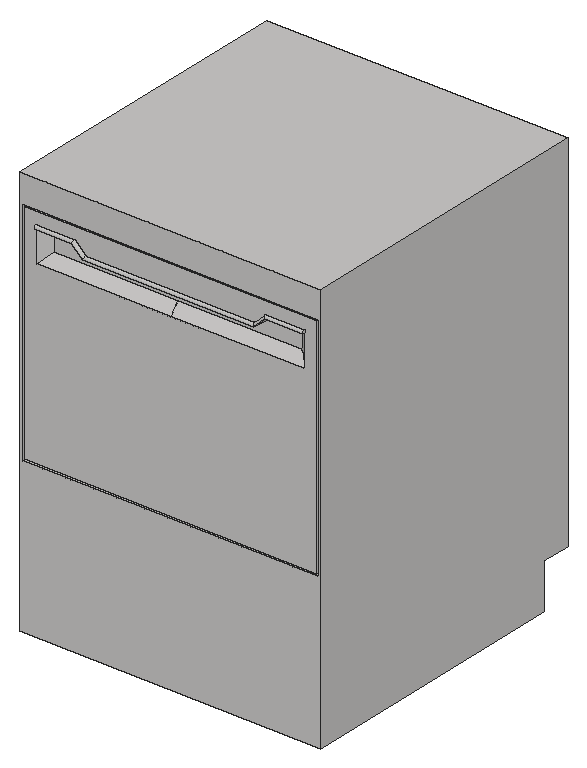
Revit family "QF_ELECTROLUXPROFESSIONAL_502701_ELI3", category Specialty Equipment, Revit 2018
Family settings
  Round Connector Dimension = Use Diameter
  Part Type = Normal
  Work Plane-Based = No
  Always vertical = Yes
  Cut with Voids When Loaded = No
  Shared = No
  Room Calculation Point = No
Parameters
  Weight = 68.00 kg
  Watts = 0 W
  Volts = 0 V
  URL Manufacturer = ""
  URL = "http://professional.electrolux.com/"
  Steam Supply Size = 0 mm
  Steam Supply Minimum Pressure = 0.0 Pa
  Steam Supply Maximum Pressure = 0.0 Pa
  Steam Pounds per Hour = 0
  Show Logo [instance] = yes
  Show Clearance [instance] = yes
  Refrigeration Suction Line Size = 0 mm
  Refrigeration Liquid Line Size = 0 mm
  Refrigerant Compressor Remote = yes
  Manufacturer = ""
  Phase = 0
  Model = ""
  Length Actual = 600 mm  # constant formula
  Item Number = ""
  Hot Water Size = 0 mm
  Height Actual = 820 mm  # constant formula
  HP = "7.2 HP"
  Gas Size = 0 mm
  Gas KW = 0
  Gas Input Pressure = 0 W
  Direct Waste Size = 40 mm
  Description = ""
  Depth Actual = 615 mm  # constant formula
  Cycle = 0 Hz
  Condensate Return Size = 0 mm
  Compressed Air Volume = 0.0 L/s
  Compressed Air Size = 0 mm
  Compressed Air Pressure = 0.0 Pa
  Cold Water Size = 0 mm
  Accessory = yes
Types (2, lengths in mm): name | Volts | URL Manufacturer | URL | Manufacturer | Phase | Model | Item Number | Hot Water Size | Description | Cycle
  (no name) | 0 V | "" | "http://professional.electrolux.com/" | "" | 0 | "" | "" | 0 | "" | 0 Hz
  Standard | 400 V | "http://professional.electrolux.com" | "http://professional.electrolux.com" | "Electrolux Professional" | 3 | "ELI3" | "502701" | 19.05 | "UNDERCOUNTER(L), DOUBLE SKIN, 3PH, 720D/H" | 50 Hz
Reference planes
  plane 1 "Center (Front/Back)": y = 0
  plane 2: z = 0
  plane 3 "Center (Left/Right)": x = 0
  plane 4 "LEFT": x = -300
  plane 5 "RIGHT": x = 300
  plane 6 "FRONT": y = -307.5
  plane 7 "BACK": y = 307.5
  plane 8: z = 830
  plane 9: z = 10
  plane 10: y = 268.5
Forms (mm)
  Extrusion 1, solid, material "QF_Finishes_Stainless Steel"
    sketch origin (0, 0, 0) x (1, 0, 0) y (0, 1, 0)
      loop
        line (-300, -307.5) -> (300, -307.5) -> (300, 249.5) -> (-300, 249.5) -> (-300, -307.5)
    from 10 to 830
  Extrusion 2, solid, material "QF_Finishes_Stainless Steel"
    sketch origin (0, 0, 0) x (1, 0, 0) y (0, 1, 0)
      loop
        line (-300, 249.5) -> (300, 249.5) -> (300, 307.5) -> (-300, 307.5) -> (-300, 249.5)
    from 100 to 830
  Extrusion 3, solid, material "QF_Finishes_Stainless Steel"
    sketch origin (0, 0, 0) x (1, 0, 0) y (0, 1, 0)
      loop
        circle (-254, 193.5) r 12.5
      loop
        circle (254, 193.5) r 12.5
      loop
        circle (-254, -237.5) r 12.5
      loop
        circle (254, -237.5) r 12.5
    from 0 to 10
  Extrusion 4, void
    sketch origin (-300, -307.5, 0) x (-1, 0, 0) y (0, 0, 1)
      loop
        line (-5, 773.217) -> (-595, 773.217) -> (-595, 315.188) -> (-5, 315.188) -> (-5, 773.217)
    from 0 to 30
  Extrusion 5, solid, material "QF_Finishes_Stainless Steel"
    sketch origin (-274, -411, 733) x (0, 0, -1) y (1, 0, 0)
      loop
        circle (693, 143) r 10
    from -660.5 to -718.5
  Extrusion 6, solid, material "QF_Door-Drawer Clearances", visible <- "Show Clearance", detail levels coarse
    sketch origin (-230, -282.5, 0) x (0, 1, 0) y (0, 0, -1)
      loop
        line (-25, -319.312) -> (-397, -319.312)
        arc (-397, -319.312) -> (-298.139, -616.581) -> (-25, -770) r 434.302
        line (-25, -770) -> (-25, -319.312)
    from 61.225 to -521.647
  Extrusion 7, solid, material "QF_Finishes_Stainless Steel"
    sketch origin (-331.481, -411, 703) x (0, 0, -1) y (1, 0, 0)
      loop
        circle (663, 252.481) r 8
    from -660.5 to -718.5
  Extrusion 8, solid, material "QF_Finishes_Stainless Steel"
    sketch origin (-230, -282.5, 0) x (0, 1, 0) y (0, 0, -1)
      loop
        line (-25, -319.312) -> (-25, -770) -> (0, -770) -> (0, -319.312) -> (-25, -319.312)
    from 61.225 to -521.647
  Extrusion 9, solid, material "QF_Finishes_Stainless Steel"
    sketch origin (-301, 942.75, 760.5) x (0, -1, 0) y (1, 0, 0)
      loop
        circle (663, 158) r 8
    from -660.5 to -670.5
  Blend 10, void
    base sketch origin (-230, -307.5, 770) x (0, 0, -1) y (1, 0, 0)
      loop
        line (93.563, -37.311) -> (93.563, 230) -> (93.563, 497.311) -> (28.563, 497.311) -> (28.563, 422.311) -> (49.776, 401.098) -> (49.776, 230) -> (49.776, 58.902) -> (28.563, 37.689) -> (28.563, -37.311) -> (93.563, -37.311)
    top sketch origin (-230, -307.5, 770) x (0, 0, -1) y (1, 0, 0)
      loop
        line (73.563, -17.311) -> (73.563, 230) -> (73.563, 477.311) -> (31.063, 477.311) -> (31.063, 422.311) -> (52.276, 401.098) -> (52.276, 58.902) -> (31.063, 37.689) -> (31.063, -17.311) -> (73.563, -17.311)
    from 0 to -19.433
  Sweep 11, solid, material "QF_Finishes_Stainless Steel"
    path origin (-230, -307.5, 770) x (0, 0, -1) y (1, 0, 0)
      loop
        line (28.563, -37.311) -> (28.563, 37.689) -> (49.776, 58.902) -> (49.776, 401.098) -> (28.563, 422.311) -> (28.563, 497.311)
    profile origin (-229.811, -307.5, 741.437) x (0, 0, 1) y (0, -1, 0)
      loop
        line (0, 0) -> (5, 0)
        arc (5, 0) -> (3.536, 3.536) -> (0, 5) r 5
        arc (0, 5) -> (-0.037, 0.962) -> (-0.394, -3.06) r 51.04
        line (-0.394, -3.06) -> (0, 0)
Cuts and joins
  Extrusion 4 cuts Extrusion 1
  joined: Extrusion 1, Extrusion 2
  Blend 10 cuts Extrusion 8
Lines and regions (mm)
  Split face 1
    outline origin (-300, -307.5, 830) x (0, 0, -1) y (1, 0, 0)
      loop
        line (56.783, 5) -> (56.783, 0)
      loop
        line (56.783, 595) -> (56.783, 600)
      loop
        line (37.034, 600) -> (37.034, 514.297)
        arc (37.034, 514.297) -> (37.64, 511.25) -> (39.366, 508.667) r 7.962
        line (39.366, 508.667) -> (44.289, 503.744)
        arc (44.289, 503.744) -> (46.135, 500.982) -> (46.783, 497.723) r 8.515
        line (46.783, 497.723) -> (46.783, 87.277)
        arc (46.783, 87.277) -> (46.135, 84.018) -> (44.289, 81.256) r 8.515
        line (44.289, 81.256) -> (39.366, 76.333)
        arc (39.366, 76.333) -> (37.64, 73.75) -> (37.034, 70.703) r 7.962
        line (37.034, 70.703) -> (37.034, 0)
  Split face 2
    outline origin (-300, -307.5, 830) x (0, 0, -1) y (1, 0, 0)
      loop
        line (13.15, 274.82) -> (37.034, 274.82) -> (37.034, 325.18) -> (13.15, 325.18) -> (13.15, 274.82)
  symbolic lines
    curve 1: line (-300, 307.5, 0) -> (300, 307.5, 0)
    curve 2: line (-300, -307.5, 0) -> (-300, 307.5, 0)
    curve 3: line (300, -307.5, 0) -> (-300, -307.5, 0)
    curve 4: line (300, 307.5, 0) -> (300, -307.5, 0)
  symbolic lines, style "QF_Door-Drawer Clearances"
    curve 5: line (-291.225, -679.5, 0) -> (291.647, -679.5, 0)
    curve 6: line (291.647, -679.5, 0) -> (291.647, -307.5, 0)
    curve 7: line (-291.225, -679.5, 0) -> (-291.225, -307.5, 0)
  symbolic lines, style "SpecialityEquipmentHiddenLines"
    curve 8: line (-300, 249.5, 0) -> (300, 249.5, 0)
Dimensions and locks
  equal spacing: plane 4 "LEFT", plane 3 "Center (Left/Right)", plane 5 "RIGHT"
  equal spacing: plane 7 "BACK", plane 1 "Center (Front/Back)", plane 6 "FRONT"
  plane 7 "BACK" to plane 6 "FRONT" = 615 mm
  plane 4 "LEFT" to plane 5 "RIGHT" = 600 mm
  locked: plane 9 to level at 10
  plane 4 "LEFT" to plane 3 "Center (Left/Right)" = 300 mm
  plane 8 to level = 830 mm  (x2)
  Extrusion 9 sketch curve to plane 4 "LEFT" = 157 mm
  level to Extrusion 5 sketch curve = 40 mm
  Extrusion 5 sketch curve to plane 4 "LEFT" = 169 mm
  Extrusion 7 sketch curve to plane 4 "LEFT" = 221 mm
  level to Extrusion 7 sketch curve = 40 mm
  Extrusion 3 to cut or joined group of Extrusion 1, Extrusion 2, Extrusion 4 = 114 mm
  Extrusion 3 to Extrusion 3 = 431 mm
  plane 6 "FRONT" to Extrusion 3 = 70 mm
  plane 1 "Center (Front/Back)" to plane 6 "FRONT" = 307.5 mm
  locked: plane 7 "BACK" to plane 10 at 39
  plane 7 "BACK" to curve 5 = 987 mm
  Extrusion 8 to cut or joined group of Extrusion 1, Extrusion 2, Extrusion 4 = 454.812 mm
  aligned and locked: level to plane 2
  aligned and locked: Extrusion 1 sketch curve to plane 6 "FRONT"
  aligned and locked: Extrusion 1 sketch curve to plane 4 "LEFT"
  aligned and locked: plane 5 "RIGHT" to Extrusion 1 sketch curve
  aligned and locked: Extrusion 1 to plane 9
  aligned and locked: Extrusion 2 sketch curve to Extrusion 1
  aligned and locked: plane 7 "BACK" to Extrusion 2 sketch curve
  aligned and locked: plane 5 "RIGHT" to Extrusion 2 sketch curve
  aligned and locked: plane 9 to Extrusion 3
Automatic sketch dimensions
  Extrusion 1 sketch curve to plane 10 = 19 mm
  Extrusion 2 sketch curve to plane 10 = 19 mm
  plane 4 "LEFT" to Extrusion 3 sketch curve = 46 mm  (x2)
  Extrusion 3 sketch curve to plane 5 "RIGHT" = 46 mm  (x2)
  plane 6 "FRONT" to Extrusion 3 sketch curve = 70 mm  (x2)
  Extrusion 3 sketch curve to plane 10 = 75 mm  (x2)
  Extrusion 4 sketch curve to Extrusion 1 = 5 mm  (x2)
  Extrusion 4 sketch curve to Extrusion 1 = 305.188 mm
  Extrusion 4 sketch curve to Extrusion 1 = 56.783 mm
  Extrusion 8 sketch curve to plane 6 "FRONT" = 0 mm
  Extrusion 8 sketch curve to Extrusion 8 sketch curve = 25 mm
  Extrusion 8 sketch curve to plane 8 = 60 mm
  plane 9 to Extrusion 8 sketch curve = 309.312 mm
  cut or joined group of Extrusion 1, Extrusion 2, Extrusion 4 to Split face 1 sketch curve = 0 mm  (x2)
  Split face 1 sketch curve to cut or joined group of Extrusion 1, Extrusion 2, Extrusion 4 = 0 mm  (x6)
  cut or joined group of Extrusion 1, Extrusion 2, Extrusion 4 to Split face 1 sketch curve = 10 mm
  Split face 1 sketch curve to Split face 1 sketch curve = 2.494 mm  (x2)
  Split face 1 sketch curve to Split face 1 sketch curve = 8.515 mm  (x2)
  cut or joined group of Extrusion 1, Extrusion 2, Extrusion 4 to Split face 1 sketch curve = 11.786 mm  (x2)
  Split face 1 sketch curve to Split face 1 sketch curve = 5.63 mm  (x2)
  Split face 1 sketch curve to Split face 1 sketch curve = 2.332 mm  (x2)
  Split face 1 sketch curve to cut or joined group of Extrusion 1, Extrusion 2, Extrusion 4 = 65.703 mm
  Split face 1 sketch curve to Split face 1 sketch curve = 4.923 mm  (x2)
  Split face 1 sketch curve to cut or joined group of Extrusion 1, Extrusion 2, Extrusion 4 = 97.277 mm
  Split face 2 sketch curve to cut or joined group of Extrusion 1, Extrusion 2, Extrusion 4 = 13.15 mm
  cut or joined group of Extrusion 1, Extrusion 2, Extrusion 4 to Split face 2 sketch curve = 19.749 mm
  Split face 2 sketch curve to cut or joined group of Extrusion 1, Extrusion 2, Extrusion 4 = 269.82 mm
  Split face 2 sketch curve to Split face 2 sketch curve = 50.359 mm
  curve 1 to plane 4 "LEFT" = 0 mm
  curve 7 to plane 6 "FRONT" = 0 mm
  curve 4 to plane 5 "RIGHT" = 0 mm
  curve 8 to plane 10 = 19 mm
  curve 2 to plane 7 "BACK" = 0 mm
  plane 4 "LEFT" to curve 5 = 8.775 mm
  curve 6 to plane 5 "RIGHT" = 8.353 mm
  Extrusion 6 sketch curve to plane 6 "FRONT" = 0 mm
  plane 6 "FRONT" to Extrusion 6 sketch curve = 61.803 mm
  plane 9 to Extrusion 6 sketch curve = 330.118 mm
  Extrusion 6 sketch curve to Extrusion 6 sketch curve = 20.806 mm
  Extrusion 6 sketch curve to plane 6 "FRONT" = 372 mm
  Blend 10 sketch curve to Extrusion 8 = 28.563 mm  (x2)
  Blend 10 sketch curve to Extrusion 8 = 49.776 mm
  Blend 10 sketch curve to Blend 10 sketch curve = 65 mm
  Extrusion 8 to Blend 10 sketch curve = 23.913 mm
  Blend 10 sketch curve to Blend 10 sketch curve = 75 mm  (x2)
  Blend 10 sketch curve to Blend 10 sketch curve = 21.213 mm  (x5)
  Blend 10 sketch curve to Blend 10 sketch curve = 171.098 mm  (x2)
  Blend 10 sketch curve to Blend 10 sketch curve = 0 mm
  Extrusion 8 to Blend 10 sketch curve = 120.549 mm
  Extrusion 8 to Blend 10 sketch curve = 99.335 mm
  Extrusion 8 to Blend 10 sketch curve = 43.913 mm
  Blend 10 sketch curve to Blend 10 sketch curve = 42.5 mm
  Extrusion 8 to Blend 10 sketch curve = 44.335 mm
  Blend 10 sketch curve to Blend 10 sketch curve = 55 mm  (x2)
  Blend 10 sketch curve to Extrusion 8 = 31.063 mm
  Extrusion 8 to Sweep 11 sketch curve = 98.913 mm
  Sweep 11 sketch curve to Sweep 11 sketch curve = 21.213 mm  (x4)
  Extrusion 8 to Sweep 11 sketch curve = 23.913 mm
  Sweep 11 sketch curve to Extrusion 8 = 28.563 mm
  Extrusion 8 to Sweep 11 sketch curve = 99.335 mm
  Extrusion 8 to Sweep 11 sketch curve = 24.335 mm
  profile plane to Sweep 11 sketch curve = 0 mm  (x2)
  Sweep 11 sketch curve to profile plane = 0 mm
  profile plane to Sweep 11 sketch curve = 3.452 mm
  Sweep 11 sketch curve to Sweep 11 sketch curve = 5 mm
  profile plane to Sweep 11 sketch curve = 0.394 mm
  Sweep 11 sketch curve to profile plane = 3.06 mm
  plane 10 to Extrusion 9 sketch curve = 11.25 mm
  radius of Extrusion 3 sketch curve = 12.5 mm  (x4)
  radius of Extrusion 5 sketch curve = 10 mm
  radius of Extrusion 7 sketch curve = 8 mm
  radius of Extrusion 9 sketch curve = 8 mm
Connectors
  piping at (-131, 307.5, 40), diameter 20
    settings: on Extrusion 5, index 1, connector inside diameter 609.6 mm, connector length 0 mm, flow factor 0, pipe flow 0.0 L/s, pressure drop 0.0 Pa, fitting loss kfactor 0, connector angle 0.00°, fixture units 0, engagement length 0 mm, angle of deflection 0.00°, flow configuration 1, flow direction 1, fitting loss method 0, system type 16, joint type 0, gender type 0, connector reference index -1, connector utility 0, adjustable connector no, is connector primary yes, connector description "Drain"
  piping at (-79, 307.5, 40), diameter 16
    settings: on Extrusion 7, index 3, connector inside diameter 609.6 mm, connector length 0 mm, flow factor 0, pipe flow 0.0 L/s, pressure drop 0.0 Pa, fitting loss kfactor 0, connector angle 0.00°, fixture units 0, engagement length 0 mm, angle of deflection 0.00°, flow configuration 1, flow direction 1, fitting loss method 0, system type 20, joint type 0, gender type 0, connector reference index -1, connector utility 0, adjustable connector no, is connector primary no, connector description "Cold Water Inlet"
  electrical at (-143, 279.75, 90), driven by "Volts"
    settings: on Extrusion 9, index 4, voltage 0 V, apparent load 0 VA, apparent load phase1 0 VA, apparent load phase2 0 VA, apparent load phase3 0 VA, power factor 1, load classification "Altro", number of poles 1, system type 31, power factor state 1, is connector primary yes, connector utility no, sub classification motor no, connector description "Electrical Connection"
